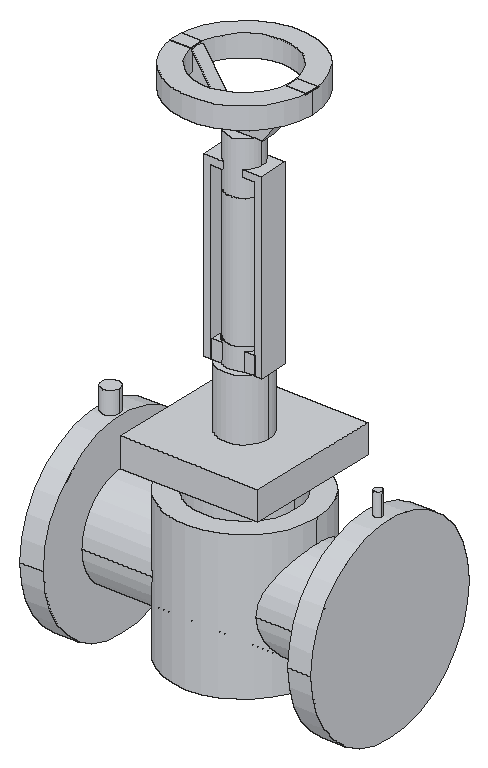
Revit family "Sigma_Compact_DN100-LF_PN16_RFA_2018", category Pipe Accessories, Revit 2018
Family settings
  Round Connector Dimension = Use Diameter
  Part Type = Valve - Breaks Into
  Work Plane-Based = No
  Always vertical = Yes
  Cut with Voids When Loaded = No
  Shared = No
Parameters (values of type "Sigma Compact DN 125 LF PN16")
  magiProductId = "72414964175c4f3999d5daaa67221e"
  magiProductFamilyId = "111bdfd32e424cd9a1e5f1ca7ea2b6"
  magiPartTypeId = 304
  isMeasuringValve [instance] = no
  ang2D [instance] = 0.00°
  W2D = 50 mm
  VersionID = "2.0/2018.12.13.2/FRESE_SIGMA_C_BIG_Q13_001"
  Use Minimum Symbol Size [instance] = no
  URL = "www.hydronix.cz"
  Type Comments = "přírubový; PN16; max dp=800kPa; 0~+120°C; max uzavírací tlak 1MPa"
  R4 = 70 mm
  R3 = 70.2 mm
  R1 = 100 mm
  QmdConnectorList = "301;D;302;D"
  Productdata [instance] = ""
  Manufacturer = "Hydronix"
  Maintenance Zone Under Depth [instance] = 100 mm
  Maintenance Zone Right Depth [instance] = 100 mm
  Maintenance Zone Over Depth [instance] = 100 mm
  Maintenance Zone Left Depth [instance] = 100 mm
  Maintenance Zone Front Depth [instance] = 100 mm
  Maintenance Zone Back Depth [instance] = 100 mm
  Maintenance Zone Front Visibility [instance] = no
  MC Use Limits From Balancing Method = no
  MC Throttling Minimum Value = 0
  MC Throttling Maximum Value = 0
  MC Product Code = "53-2404 DN125; PN16; (18500-110000 l/h); kvs=186"
  MC Pressure Drop Minimum Value = 0.0 Pa
  MC Pressure Drop Maximum Value = 0.0 Pa
  MC Piping Given Pressure Drop [instance] = 0.0 Pa
  LF__ve = -LF  # -32 mm
  LF2 = 16 mm
  LF = 32 mm
  L432 = 32.9 mm
  L43 = 65.8 mm
  L42 = 94 mm
  L4 = 188 mm
  L3 = 336 mm
  L2D_Min = 30.48 mm
  L2D = 230 mm
  L2 = 200 mm
  HH12 = 36.5 mm
  HH1 = 73 mm
  HDF__ve = -HDF  # -338 mm
  HDF = 338 mm
  H6 = 85 mm
  H4 = 40.5 mm
  H3 = 33.75 mm
  H2 = 101.25 mm
  H11 = 202.5 mm
  H1 = 761 mm
  H = 608 mm
  Description = "Automatický vyvažovací ventil"
  DF2 = 135 mm
  D = 125 mm
  Clearance Zone Height Depth [instance] = 100 mm
  Clearance Zone Circular Radius [instance] = 200 mm
  Clearance Zone Visibility [instance] = no
  CAT0 = yes
Types (9, lengths in mm): name | magiProductId | Type Comments | R4 | R3 | R1 | MC Product Code | LF__ve | LF2 | LF | L432 | L43 | L42 | L4 | L3 | L2 | HH12 | HH1 | HDF__ve | HDF | H4 | H3 | H2 | H11 | H1 | H | DF2 | D | Clearance Zone Circular Radius
  Sigma Compact DN 050 LF PN16 | "7ce002c265594233b83d195dc264f1" | "přírubový; PN16; max dp=800kPa; 0~+120°C; max uzavírací tlak 1MPa" | 40.25 | 42.9 | 57.5 | "53-2400 DN50; PN16; (2480-15000 l/h); kvs=34" | -18.4 | 9.2 | 18.4 | 18.917 | 37.835 | 54.05 | 108.1 | 193.2 | 115 | 16.5 | 33 | -202 | 202 | 24.75 | 20.625 | 61.875 | 123.75 | 480 | 367 | 82.5 | 50 | 115
  Sigma Compact DN 065 LF PN16 | "7b440009bc83499eb1c9a6fd3b4fee" | "přírubový; PN16; max dp=800kPa; 0~+120°C; max uzavírací tlak 1MPa" | 50.75 | 48.1 | 72.5 | "53-2401 DN65; PN16; (4380-25000 l/h); kvs=50" | -23.2 | 11.6 | 23.2 | 23.853 | 47.705 | 68.15 | 136.3 | 243.6 | 145 | 16.5 | 33 | -199 | 199 | 27.75 | 23.125 | 69.375 | 138.75 | 497 | 384 | 92.5 | 65 | 145
  Sigma Compact DN 080 LF PN16 | "c04670cd33374e61a046fccc79a79b" | "přírubový; PN16; max dp=800kPa; 0~+120°C; max uzavírací tlak 1MPa" | 54.25 | 52 | 77.5 | "53-2402 DN80; PN16; (5340-34000 l/h); kvs=68" | -24.8 | 12.4 | 24.8 | 25.497 | 50.995 | 72.85 | 145.7 | 260.4 | 155 | 16.5 | 33 | -213 | 213 | 30 | 25 | 75 | 150 | 526 | 413 | 100 | 80 | 155
  Sigma Compact DN 100 LF PN16 | "e9669c3b3cb042d39f52f9a3f8394b" | "přírubový; PN16; max dp=800kPa; 0~+120°C; max uzavírací tlak 1MPa" | 61.25 | 61.1 | 87.5 | "53-2403 DN100; PN16; (12100-68000 l/h); kvs=115" | -28 | 14 | 28 | 28.788 | 57.575 | 82.25 | 164.5 | 294 | 175 | 34 | 68 | -331 | 331 | 35.25 | 29.375 | 88.125 | 176.25 | 714 | 566 | 117.5 | 100 | 175
  Sigma Compact DN 125 LF PN16 | "72414964175c4f3999d5daaa67221e" | "přírubový; PN16; max dp=800kPa; 0~+120°C; max uzavírací tlak 1MPa" | 70 | 70.2 | 100 | "53-2404 DN125; PN16; (18500-110000 l/h); kvs=186" | -32 | 16 | 32 | 32.9 | 65.8 | 94 | 188 | 336 | 200 | 36.5 | 73 | -338 | 338 | 40.5 | 33.75 | 101.25 | 202.5 | 761 | 608 | 135 | 125 | 200
  Sigma Compact DN 150 LF PN16 | "cb5ac98de80a46389b4a96eb8539c2" | "přírubový; PN16; max dp=800kPa; 0~+110°C; max uzavírací tlak 1MPa" | 84 | 74.1 | 120 | "53-2405 DN150; PN16; (25600-148000 l/h); kvs=250" | -38.4 | 19.2 | 38.4 | 39.48 | 78.96 | 112.8 | 225.6 | 403.2 | 240 | 13 | 26 | -391 | 391 | 42.75 | 35.625 | 106.875 | 213.75 | 782 | 676 | 142.5 | 150 | 240
  Sigma Compact DN 200 LF PN16 | "bd9983fcf82240be8b5626661ef83b" | "přírubový; PN16; max dp=800kPa; 0~+110°C; max uzavírací tlak 1MPa" | 105 | 98.8 | 150 | "53-2406 DN200; PN16; (95000-210000 l/h); kvs=371" | -48 | 24 | 48 | 49.35 | 98.7 | 141 | 282 | 504 | 300 | 29.5 | 59 | -334 | 334 | 57 | 47.5 | 142.5 | 285 | 853 | 714 | 190 | 200 | 300
  Sigma Compact DN 250 LF PN16 | "6516628c9ce0481f89e5702e575104" | "přírubový; PN16; max dp=800kPa; 0~+110°C; max uzavírací tlak 1MPa" | 127.75 | 115.44 | 182.5 | "53-2407 DN250; PN16; (190000-475000 l/h); kvs=803" | -58.4 | 29.2 | 58.4 | 60.042 | 120.085 | 171.55 | 343.1 | 613.2 | 365 | 29 | 58 | -462 | 462 | 66.6 | 55.5 | 166.5 | 333 | 1044 | 906 | 222 | 250 | 365
  Sigma Compact DN 300 LF PN16 | "f16ecb3a8ad443e99405ecd1e4779a" | "přírubový; PN16; max dp=800kPa; 0~+110°C; max uzavírací tlak 1MPa" | 148.75 | 135.2 | 212.5 | "53-2408 DN300; PN16; (190000-475000 l/h); kvs=803" | -68 | 34 | 68 | 69.912 | 139.825 | 199.75 | 399.5 | 714 | 425 | 29 | 58 | -424 | 424 | 78 | 65 | 195 | 390 | 1082 | 944 | 260 | 300 | 425
Reference planes
  plane 1 "Center (Front/Back)": y = 0
  plane 2 "XYPLANE": z = 0
  plane 3 "Center (Left/Right)": x = 0
  plane 4 "298": y = -235
  plane 5 "297": y = 235
  plane 6 "296": y = -135
  plane 7 "295": y = 135
  plane 8 "294": z = -235
  plane 9 "293": z = 726
  plane 10 "292": x = -300
  plane 11 "291": x = 300
  plane 12 "290": z = 726
  plane 13 "256": y = -20
  plane 14 "254": z = 499.5
  plane 15 "253": z = 509.5
  plane 16 "252": x = -40
  plane 17 "251": x = -30
  plane 18 "250": x = 40
  plane 19 "249": x = 30
  plane 20 "247": z = 260.5
  plane 21 "244": z = 473
  plane 22 "243": x = 94
  plane 23 "242": x = 65.8
  plane 24 "241": x = 32.9
  plane 25 "240": y = -10
  plane 26 "238": x = -32.9
  plane 27 "237": x = -65.8
  plane 28 "236": z = 546
  plane 29 "235": z = 576
  plane 30 "234": x = -94
  plane 31 "225": z = 626
  plane 32 "224": z = -135
  plane 33 "157": x = 184
  plane 34 "156": x = -184
  plane 35 "155": z = 135
  plane 36 "154": z = 175.5
  plane 37 "153": z = 135
  plane 38 "152": z = 101.25
  plane 39 "151": x = -168
  plane 40 "150": z = -101.25
  plane 41 "149": x = 0
  plane 42 "148": y = 0
  plane 43 "147": z = 0
  plane 44 "146": x = -200
  plane 45 "145": x = 200
Forms (mm)
  Blend 1, solid, visible <- "Maintenance Zone Front Visibility"
    base sketch origin (-750, 0, 726) x (1, 0, 0) y (0, 1, 0)
      loop
        line (450, 235) -> (450, -235) -> (1050, -235) -> (1050, 235) -> (450, 235)
    top sketch origin (-750, 0, 726) x (1, 0, 0) y (0, 1, 0)
      loop
        line (450, 235) -> (450, -235) -> (1050, -235) -> (1050, 235) -> (450, 235)
    from 0 to -961
  Blend 2, solid, visible <- "Clearance Zone Visibility"
    base sketch origin (-750, 0, 0) x (1, 0, 0) y (0, 1, 0)
      loop
        circle (750, 0) r 200
    top sketch origin (-750, 0, 0) x (1, 0, 0) y (0, 1, 0)
      loop
        circle (750, 0) r 200
    from 0 to 726
  Extrusion 3, solid
    sketch origin (-750, 0, 473) x (1, 0, 0) y (0, 1, 0)
      loop
        circle (750, 0) r 23.982
    from 0 to -338 <- "HDF__ve"
  Extrusion 4, solid
    sketch origin (-750, 0, 260.5) x (1, 0, 0) y (0, 1, 0)
      loop
        line (780, 20) -> (720, 20) -> (720, -20) -> (780, -20) -> (780, 20)
    from 0 to 25
  Extrusion 5, solid
    sketch origin (750, -20, 0) x (-1, 0, 0) y (0, 0, 1)
      loop
        line (790, 260.5) -> (790, 509.5) -> (710, 509.5) -> (710, 260.5) -> (720, 260.5) -> (720, 499.5) -> (780, 499.5) -> (780, 260.5) -> (790, 260.5)
    from 0 to 40
  Extrusion 6, solid
    sketch origin (-750, 0, 260.5) x (1, 0, 0) y (0, 1, 0)
      loop
        circle (750, 0) r 25
    from 0 to 30
  Extrusion 7, solid
    sketch origin (750, -10, 0) x (-1, 0, 0) y (0, 0, 1)
      loop
        line (815.8, 626) -> (782.9, 576) -> (750, 576) -> (750, 546) -> (782.9, 546) -> (844, 626) -> (815.8, 626)
    from 0 to 20
  Extrusion 8, solid
    sketch origin (750, -10, 0) x (-1, 0, 0) y (0, 0, 1)
      loop
        line (684.2, 626) -> (656, 626) -> (717.1, 546) -> (750, 546) -> (750, 576) -> (717.1, 576) -> (684.2, 626)
    from 0 to 20
  Extrusion 9, solid
    sketch origin (-750, 0, 473) x (1, 0, 0) y (0, 1, 0)
      loop
        circle (750, 0) r 23.982
    from 0 to 73 <- "HH1"
  Extrusion 10, solid
    sketch origin (-750, 0, 626) x (1, 0, 0) y (0, 1, 0)
      loop
        circle (750, 0) r 94
      loop
        circle (750, 0) r 65.8
    from 0 to -30
  Extrusion 11, solid, visible <- "CAT0"
    sketch origin (-750, 0, 135) x (1, 0, 0) y (0, 1, 0)
      loop
        circle (934, 0) r 5.5
    from 0 to 30
  Extrusion 12, solid, visible <- "CAT0"
    sketch origin (-750, 0, 135) x (1, 0, 0) y (0, 1, 0)
      loop
        circle (566, 0) r 12.3
    from 0 to 30
  Extrusion 13, solid, visible <- "CAT0"
    sketch origin (-750, 0, 175.5) x (1, 0, 0) y (0, 1, 0)
      loop
        circle (750, 0) r 33.982
    from 0 to 85 <- "H6"
  Extrusion 14, solid, visible <- "CAT0"
    sketch origin (-750, 0, 135) x (1, 0, 0) y (0, 1, 0)
      loop
        line (844, 94) -> (656, 94) -> (656, -94) -> (844, -94) -> (844, 94)
    from 0 to 40.5 <- "H4"
  Extrusion 15, solid, visible <- "CAT0"
    sketch origin (-750, 0, 101.25) x (1, 0, 0) y (0, 1, 0)
      loop
        circle (750, 0) r 70
    from 0 to 33.75 <- "H3"
  Extrusion 16, solid, visible <- "CAT0"
    sketch origin (-168, -750, 0) x (0, 1, 0) y (0, 0, 1)
      loop
        circle (750, 0) r 70.2
    from 0 to 336 <- "L3"
  Extrusion 17, solid, visible <- "CAT0"
    sketch origin (-750, 0, -101.25) x (1, 0, 0) y (0, 1, 0)
      loop
        circle (750, 0) r 100
    from 0 to 202.5 <- "H11"
  Extrusion 18, solid, visible <- "CAT0"
    sketch origin (-200, -750, 0) x (0, 1, 0) y (0, 0, 1)
      loop
        circle (750, 0) r 135
    from 0 to 32 <- "LF"
  Extrusion 19, solid, visible <- "CAT0"
    sketch origin (200, -750, 0) x (0, 1, 0) y (0, 0, 1)
      loop
        circle (750, 0) r 135
    from 0 to -32 <- "LF__ve"
  Extrusion 20, solid, not visible
    sketch origin (-200, -750, 0) x (0, 1, 0) y (0, 0, 1)
      loop
        circle (750, 0) r 10
    from 0 to 10
  Extrusion 21, solid, not visible
    sketch origin (200, -750, 0) x (0, 1, 0) y (0, 0, 1)
      loop
        circle (750, 0) r 10
    from 0 to -10
Lines and regions (mm)
  reference lines, not visible
    curve 1: circle (2, 2, 0) r 1 normal (0, 0, 1)
  reference lines
    curve 2: circle (0, 0, 135) r 1 normal (0, 0, 1)
Dimensions and locks
  plane 1 "Center (Front/Back)" to curve 1 = 2 mm
  "Maintenance Zone Front Depth": plane 6 "296" to plane 4 "298"
  "Maintenance Zone Back Depth": plane 7 "295" to plane 5 "297"
  "DF2": plane 42 "148" to plane 6 "296"
  "DF2": plane 42 "148" to plane 7 "295"
  "Maintenance Zone Under Depth": plane 32 "224" to plane 8 "294"
  "Maintenance Zone Over Depth": plane 31 "225" to plane 9 "293"
  "Maintenance Zone Left Depth": plane 44 "146" to plane 10 "292"
  "Maintenance Zone Right Depth": plane 45 "145" to plane 11 "291"
  "Clearance Zone Height Depth": plane 31 "225" to plane 12 "290"
  locked: plane 25 "240" to plane 13 "256" at 10
  locked: plane 15 "253" to plane 14 "254" at 10
  "HH12": plane 21 "244" to plane 15 "253"
  locked: plane 17 "251" to plane 16 "252" at 10
  locked: plane 41 "149" to plane 17 "251" at 30
  locked: plane 19 "249" to plane 18 "250" at 10
  locked: plane 41 "149" to plane 19 "249" at 30
  "H6": plane 36 "154" to plane 20 "247"
  "H": plane 32 "224" to plane 21 "244"
  "L42": plane 41 "149" to plane 22 "243"
  "L43": plane 41 "149" to plane 23 "242"
  "L432": plane 41 "149" to plane 24 "241"
  locked: plane 42 "148" to plane 25 "240" at 10
  "L432": plane 41 "149" to plane 26 "238"
  "L43": plane 41 "149" to plane 27 "237"
  locked: plane 29 "235" to plane 28 "236" at 30
  locked: plane 31 "225" to plane 29 "235" at 50
  "L42": plane 41 "149" to plane 30 "234"
  "H1": plane 32 "224" to plane 31 "225"
  "DF2": plane 2 "XYPLANE" to plane 32 "224"
  "LF2": plane 45 "145" to plane 33 "157"
  "LF2": plane 44 "146" to plane 34 "156"
  "DF2": plane 2 "XYPLANE" to plane 35 "155"
  "H4": plane 37 "153" to plane 36 "154"
  "H3": plane 38 "152" to plane 37 "153"
  "H11": plane 40 "150" to plane 38 "152"
  "LF": plane 44 "146" to plane 39 "151"
  "H2": plane 2 "XYPLANE" to plane 40 "150"
  locked: plane 3 "Center (Left/Right)" to plane 41 "149"
  locked: plane 1 "Center (Front/Back)" to plane 42 "148"
  locked: plane 2 "XYPLANE" to plane 43 "147"
  "L2": plane 3 "Center (Left/Right)" to plane 44 "146"
  "L2": plane 3 "Center (Left/Right)" to plane 45 "145"
  Blend 1 sketch curve to Blend 1 sketch curve = 0 mm  (x16)
  Extrusion 4 sketch curve to Extrusion 4 sketch curve = 0 mm  (x8)
  Extrusion 5 sketch curve to Extrusion 5 sketch curve = 0 mm  (x16)
  Extrusion 7 sketch curve to Extrusion 7 sketch curve = 0 mm  (x12)
  Extrusion 8 sketch curve to Extrusion 8 sketch curve = 0 mm  (x12)
  equal spacing: Extrusion 14 sketch curve, curve 2, Extrusion 14 sketch curve  (x2)
  "L4": Extrusion 14 sketch curve to Extrusion 14 sketch curve  (x2)
  Extrusion 14 sketch curve to Extrusion 14 sketch curve = 0 mm  (x8)
  "Clearance Zone Circular Radius": radius of Blend 2 sketch curve  (x2)
  "L42": radius of Extrusion 10 sketch curve
  "L43": radius of Extrusion 10 sketch curve
  "R4": radius of Extrusion 15 sketch curve
  "R3": radius of Extrusion 16 sketch curve
  "R1": radius of Extrusion 17 sketch curve
  "DF2": radius of Extrusion 18 sketch curve
  "DF2": radius of Extrusion 19 sketch curve
  aligned and locked: level to plane 2 "XYPLANE"
  aligned and locked: Blend 1 sketch curve to plane 5 "297"  (x2)
  aligned and locked: plane 10 "292" to Blend 1 sketch curve  (x4)
  aligned and locked: plane 11 "291" to Blend 1 sketch curve  (x4)
  aligned and locked: plane 5 "297" to Blend 1 sketch curve  (x2)
  aligned and locked: plane 4 "298" to Blend 1 sketch curve  (x4)
  aligned and locked: Blend 1 to plane 8 "294"
  aligned and locked: plane 41 "149" to Blend 2 sketch curve  (x2)
  aligned and locked: plane 42 "148" to Blend 2 sketch curve  (x2)
  aligned and locked: plane 12 "290" to Blend 2
  aligned and locked: plane 41 "149" to Extrusion 3 sketch curve
  aligned and locked: plane 42 "148" to Extrusion 3 sketch curve
  aligned and locked: Extrusion 5 sketch curve to plane 16 "252"
  aligned and locked: plane 20 "247" to Extrusion 5 sketch curve  (x4)
  aligned and locked: plane 15 "253" to Extrusion 5 sketch curve  (x2)
  aligned and locked: plane 16 "252" to Extrusion 5 sketch curve
  aligned and locked: plane 18 "250" to Extrusion 5 sketch curve  (x2)
  aligned and locked: plane 19 "249" to Extrusion 5 sketch curve  (x2)
  aligned and locked: plane 14 "254" to Extrusion 5 sketch curve  (x2)
  aligned and locked: plane 17 "251" to Extrusion 5 sketch curve  (x2)
  aligned and locked: plane 41 "149" to Extrusion 6 sketch curve
  aligned and locked: plane 42 "148" to Extrusion 6 sketch curve
  aligned and locked: plane 27 "237" to Extrusion 7 sketch curve
  aligned and locked: plane 31 "225" to Extrusion 7 sketch curve  (x2)
  aligned and locked: plane 26 "238" to Extrusion 7 sketch curve  (x2)
  aligned and locked: plane 29 "235" to Extrusion 7 sketch curve  (x2)
  aligned and locked: plane 41 "149" to Extrusion 7 sketch curve  (x2)
  aligned and locked: plane 28 "236" to Extrusion 7 sketch curve  (x2)
  aligned and locked: plane 30 "234" to Extrusion 7 sketch curve
  aligned and locked: plane 23 "242" to Extrusion 8 sketch curve
  aligned and locked: plane 31 "225" to Extrusion 8 sketch curve  (x2)
  aligned and locked: plane 24 "241" to Extrusion 8 sketch curve  (x2)
  aligned and locked: plane 29 "235" to Extrusion 8 sketch curve  (x2)
  aligned and locked: plane 41 "149" to Extrusion 8 sketch curve  (x2)
  aligned and locked: plane 28 "236" to Extrusion 8 sketch curve  (x2)
  aligned and locked: plane 22 "243" to Extrusion 8 sketch curve
  aligned and locked: plane 41 "149" to Extrusion 9 sketch curve
  aligned and locked: plane 42 "148" to Extrusion 9 sketch curve
  aligned and locked: plane 41 "149" to Extrusion 10 sketch curve  (x2)
  aligned and locked: plane 42 "148" to Extrusion 10 sketch curve  (x2)
  aligned and locked: plane 33 "157" to Extrusion 11 sketch curve
  aligned and locked: plane 42 "148" to Extrusion 11 sketch curve
  aligned and locked: plane 34 "156" to Extrusion 12 sketch curve
  aligned and locked: plane 42 "148" to Extrusion 12 sketch curve
  aligned and locked: plane 41 "149" to Extrusion 13 sketch curve
  aligned and locked: plane 42 "148" to Extrusion 13 sketch curve
  aligned and locked: plane 41 "149" to curve 2
  aligned and locked: plane 42 "148" to curve 2
  aligned and locked: plane 41 "149" to Extrusion 15 sketch curve
  aligned and locked: plane 42 "148" to Extrusion 15 sketch curve
  aligned and locked: Extrusion 16 sketch curve to plane 42 "148"
  aligned and locked: plane 43 "147" to Extrusion 16 sketch curve
  aligned and locked: plane 41 "149" to Extrusion 17 sketch curve
  aligned and locked: plane 42 "148" to Extrusion 17 sketch curve
  aligned and locked: Extrusion 18 sketch curve to plane 42 "148"
  aligned and locked: plane 43 "147" to Extrusion 18 sketch curve
  aligned and locked: Extrusion 19 sketch curve to plane 42 "148"
  aligned and locked: plane 43 "147" to Extrusion 19 sketch curve
  aligned and locked: Extrusion 20 sketch curve to plane 42 "148"
  aligned and locked: plane 43 "147" to Extrusion 20 sketch curve
  aligned and locked: Extrusion 21 sketch curve to plane 42 "148"
  aligned and locked: plane 43 "147" to Extrusion 21 sketch curve
Automatic sketch dimensions
  plane 26 "238" to Extrusion 3 sketch curve = 8.917 mm
  Extrusion 4 sketch curve to plane 17 "251" = 0 mm
  Extrusion 4 sketch curve to plane 13 "256" = 0 mm
  Extrusion 4 sketch curve to plane 19 "249" = 0 mm
  Extrusion 4 sketch curve to plane 1 "Center (Front/Back)" = 20 mm
  plane 17 "251" to Extrusion 6 sketch curve = 5 mm
  plane 26 "238" to Extrusion 9 sketch curve = 8.917 mm
  Extrusion 11 sketch curve to plane 33 "157" = 5.5 mm
  plane 44 "146" to Extrusion 12 sketch curve = 3.7 mm
  Extrusion 13 sketch curve to plane 26 "238" = 1.083 mm
  Extrusion 20 sketch curve to plane 25 "240" = 0 mm
  Extrusion 21 sketch curve to plane 25 "240" = 0 mm
  plane 3 "Center (Left/Right)" to curve 1 = 2 mm
  Extrusion 14 sketch curve to plane 30 "234" = 0 mm
  plane 6 "296" to Extrusion 14 sketch curve = 41 mm
  radius of curve 2 = 1 mm
  radius of curve 1 = 1 mm
Connectors
  piping at (-200, 0, 0), diameter 125, driven by "D"
    settings: on Extrusion 20, index 1, connector inside diameter 609.6 mm, connector length 0 mm, flow factor 0, pipe flow 0.0 L/s, pressure drop 0.0 Pa, fitting loss kfactor 0, connector angle 0.00°, fixture units 0, engagement length 0 mm, angle of deflection 0.00°, flow configuration 0, flow direction 0, fitting loss method 0, system type 29, joint type 0, gender type 0, connector reference index 2, connector utility 0, adjustable connector no, is connector primary yes, connector description ""
  piping at (200, 0, 0), diameter 125, driven by "D"
    settings: on Extrusion 21, index 2, connector inside diameter 609.6 mm, connector length 0 mm, flow factor 0, pipe flow 0.0 L/s, pressure drop 0.0 Pa, fitting loss kfactor 0, connector angle 0.00°, fixture units 0, engagement length 0 mm, angle of deflection 0.00°, flow configuration 0, flow direction 0, fitting loss method 0, system type 29, joint type 0, gender type 0, connector reference index 1, connector utility 0, adjustable connector no, is connector primary no, connector description ""
